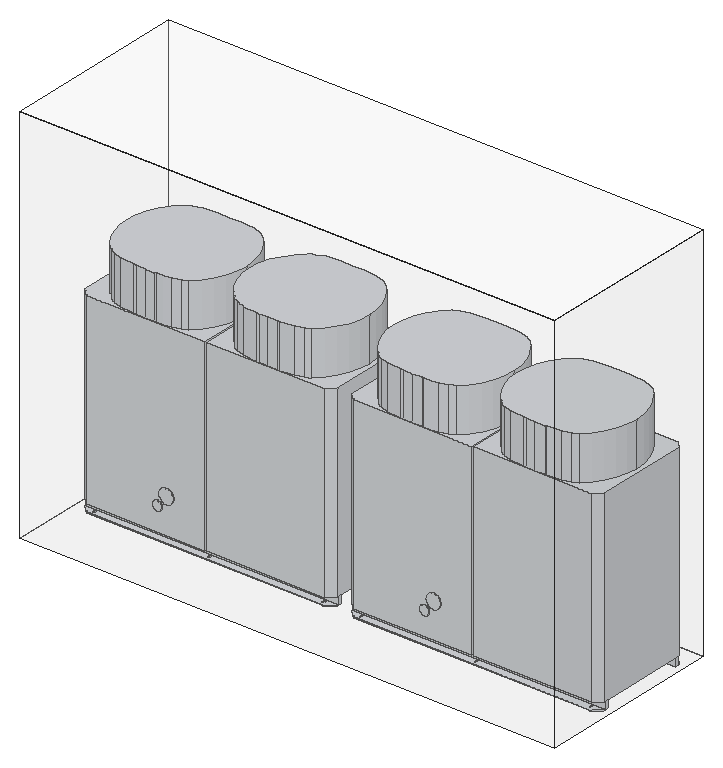
Revit family "pury-ep224_900(s)dmg9_50Hz", category 機械設備, Revit 2019 (continued)
Definition of nested family "筐体モジュール.（R2高効率）"
  Lines and regions (mm)
    symbolic lines, visible <- "ユニット4X"
      curve 301: arc (-694.112, 316.106, 0) -> (-802.132, 174.18, 0) -> (-840.507, 0, 0) r 414.476
      curve 302: arc (-840.507, 0, 0) -> (-802.132, -174.18, 0) -> (-694.112, -316.106, 0) r 414.476
      curve 303: arc (-694.112, -316.106, 0) -> (-676.871, -327.278, 0) -> (-658.4, -336.274, 0) r 168.924
      curve 304: arc (-658.4, -336.274, 0) -> (-630.711, -346.28, 0) -> (-602.194, -353.601, 0) r 308.609
      curve 305: arc (-602.194, -353.601, 0) -> (-554.089, -361, 0) -> (-505.475, -363.367, 0) r 468.429
      curve 306: arc (-505.475, -363.367, 0) -> (-497.937, -363.425, 0) -> (-490.403, -363.142, 0) r 167.153
      curve 307: line (-490.403, -363.142, 0) -> (-426.031, -363.142, 0)
      curve 308: line (-426.031, -363.142, 0) -> (-361.659, -363.142, 0)
      curve 309: arc (-361.659, -363.142, 0) -> (-354.125, -363.425, 0) -> (-346.586, -363.367, 0) r 167.153
      curve 310: arc (-346.586, -363.367, 0) -> (-296.703, -360.87, 0) -> (-247.368, -353.076, 0) r 468.429
      curve 311: arc (-247.368, -353.076, 0) -> (-220.13, -345.901, 0) -> (-193.659, -336.274, 0) r 308.61
      curve 312: arc (-193.659, -336.274, 0) -> (-174.719, -327.333, 0) -> (-157.039, -316.106, 0) r 167.985
      curve 313: arc (-157.039, -316.106, 0) -> (-49.249, -174.112, 0) -> (-10.965, 0, 0) r 415.066
      curve 314: arc (-10.965, 0, 0) -> (-49.249, 174.112, 0) -> (-157.039, 316.106, 0) r 415.066
      curve 315: arc (-157.039, 316.106, 0) -> (-174.719, 327.333, 0) -> (-193.659, 336.274, 0) r 167.985
      curve 316: arc (-193.659, 336.274, 0) -> (-220.13, 345.901, 0) -> (-247.368, 353.076, 0) r 308.61
      curve 317: arc (-247.368, 353.076, 0) -> (-296.703, 360.87, 0) -> (-346.586, 363.367, 0) r 468.429
      curve 318: line (-346.586, 363.367, 0) -> (-426.031, 363.367, 0)
      curve 319: line (-426.031, 363.367, 0) -> (-505.475, 363.367, 0)
      curve 320: arc (-505.475, 363.367, 0) -> (-554.089, 361, 0) -> (-602.194, 353.601, 0) r 468.429
      curve 321: arc (-602.194, 353.601, 0) -> (-630.711, 346.28, 0) -> (-658.4, 336.274, 0) r 308.609
      curve 322: arc (-658.4, 336.274, 0) -> (-677.005, 327.516, 0) -> (-694.112, 316.106, 0) r 138.853
      curve 323: arc (840.507, 0, 0) -> (802.132, 174.18, 0) -> (694.112, 316.106, 0) r 414.476
      curve 324: arc (694.112, 316.106, 0) -> (677.005, 327.516, 0) -> (658.4, 336.274, 0) r 138.853
      curve 325: arc (658.4, 336.274, 0) -> (630.711, 346.28, 0) -> (602.194, 353.601, 0) r 308.609
      curve 326: arc (602.194, 353.601, 0) -> (554.089, 361, 0) -> (505.475, 363.367, 0) r 468.429
      curve 327: line (505.475, 363.367, 0) -> (426.031, 363.367, 0)
      curve 328: line (426.031, 363.367, 0) -> (346.586, 363.367, 0)
      curve 329: arc (346.586, 363.367, 0) -> (297.973, 361, 0) -> (249.868, 353.601, 0) r 468.429
      curve 330: arc (249.868, 353.601, 0) -> (221.351, 346.28, 0) -> (193.661, 336.274, 0) r 308.609
      curve 331: arc (193.661, 336.274, 0) -> (175.191, 327.278, 0) -> (157.949, 316.106, 0) r 168.924
      curve 332: arc (157.949, 316.106, 0) -> (49.93, 174.18, 0) -> (11.555, 0, 0) r 414.476
      curve 333: arc (11.555, 0, 0) -> (49.93, -174.18, 0) -> (157.949, -316.106, 0) r 414.476
      curve 334: arc (157.949, -316.106, 0) -> (175.191, -327.278, 0) -> (193.661, -336.274, 0) r 168.924
      curve 335: arc (193.661, -336.274, 0) -> (221.351, -346.28, 0) -> (249.868, -353.601, 0) r 308.609
      curve 336: arc (249.868, -353.601, 0) -> (297.973, -361, 0) -> (346.586, -363.367, 0) r 468.429
      curve 337: arc (346.586, -363.367, 0) -> (354.125, -363.425, 0) -> (361.659, -363.142, 0) r 167.153
      curve 338: line (361.659, -363.142, 0) -> (426.031, -363.142, 0)
      curve 339: line (426.031, -363.142, 0) -> (490.403, -363.142, 0)
      curve 340: arc (490.403, -363.142, 0) -> (497.937, -363.425, 0) -> (505.475, -363.367, 0) r 167.153
      curve 341: arc (505.475, -363.367, 0) -> (554.089, -361, 0) -> (602.194, -353.601, 0) r 468.429
      curve 342: arc (602.194, -353.601, 0) -> (630.711, -346.28, 0) -> (658.4, -336.274, 0) r 308.609
      curve 343: arc (658.4, -336.274, 0) -> (676.871, -327.278, 0) -> (694.112, -316.106, 0) r 168.924
      curve 344: arc (694.112, -316.106, 0) -> (802.132, -174.18, 0) -> (840.507, 0, 0) r 414.476
      curve 345: line (-875, 320.831, 0) -> (-875, -320.583, 0)
      curve 346: line (-825.831, 370, 0) -> (-875, 320.831, 0)
      curve 347: line (-875, -320.583, 0) -> (-825.583, -370, 0)
      curve 348: line (825.831, 370, 0) -> (-825.831, 370, 0)
      curve 349: line (875, 320.831, 0) -> (825.831, 370, 0)
      curve 350: line (875, -320.583, 0) -> (875, 320.831, 0)
      curve 351: line (825.583, -370, 0) -> (875, -320.583, 0)
      curve 352: line (-825.583, -370, 0) -> (825.583, -370, 0)
      curve 353: line (4.756, 370, 0) -> (4.756, -370, 0)
      curve 354: line (-4.756, -370, 0) -> (-4.756, 370, 0)
  Dimensions and locks
    "Depth": plane 4 to plane 5
    equal spacing: plane 4, plane 1 "中心(正面/背面)", plane 5
    "W": plane 6 to plane 21
    locked: plane 11 "本体下部" to plane 2 at 54
    plane 4 to plane 9 to plane 10 to plane 14 to plane 13 to plane 12 = 57 mm locked, 20 mm locked, 586 mm locked, 20 mm locked, 57 mm locked
    locked: plane 12 to plane 15 at 29.5
    locked: plane 4 to plane 17 at 29.5
    "冷媒液_Z": plane 18 "電源高さ" to level
    plane 8 to plane 7 = 303 mm
    plane 7 to plane 2 = 1347 mm
    "Height": plane 8 to plane 2
    "冷媒管径_Z": level to plane 19 "冷媒管高さ"
    locked: plane 6 to plane 16 at 80
    locked: plane 11 "本体下部" to plane 20 "冷媒操作弁ガス芯4" at 1
    equal spacing: plane 6, plane 3 "中心(左/右)", plane 21
    equal spacing: plane 22, plane 3 "中心(左/右)", plane 23
    "Width": plane 22 to plane 23
    "冷媒ガス_Y": plane 4 to plane 27
    "冷媒管径_Y": plane 4 to plane 28
    "冷媒液_Y": plane 4 to plane 29
    "冷媒ガス_Z": plane 30 to level
    "冷媒液_X": plane 22 to plane 24
    "冷媒管径_X": plane 22 to plane 25
    "冷媒ガス_X": plane 24 to plane 26
    locked: plane 31 to plane 21 at 80
    "冷媒ガス管径": diameter of Extrusion 8 sketch curve
    "冷媒液管径": diameter of Extrusion 7 sketch curve
    "冷媒管径": diameter of Extrusion 6 sketch curve
    "冷媒管径": diameter of Extrusion 5 sketch curve
    aligned and locked: Extrusion 1 to plane 6
    aligned and locked: curve 3 to plane 6
    aligned and locked: plane 10 to Extrusion 2 sketch curve
    aligned and locked: plane 6 to Extrusion 2 sketch curve
    aligned and locked: Extrusion 2 sketch curve to plane 9
    aligned and locked: Extrusion 1 to plane 11 "本体下部"
    aligned and locked: plane 11 "本体下部" to Extrusion 1  (x2)
    aligned and locked: plane 7 to Extrusion 1
    aligned and locked: plane 4 to Extrusion 4
    aligned and locked: plane 9 to Extrusion 2
    aligned and locked: plane 11 "本体下部" to Extrusion 6
    aligned and locked: Extrusion 7 to plane 20 "冷媒操作弁ガス芯4"
    aligned and locked: plane 11 "本体下部" to Extrusion 7
    aligned and locked: plane 11 "本体下部" to Extrusion 8
    aligned and locked: Extrusion 7 to Extrusion 8
    aligned and locked: Extrusion 7 to Extrusion 6
    aligned and locked: Extrusion 1 sketch curve to plane 21
    aligned and locked: Extrusion 1 sketch curve to plane 12
    aligned and locked: Extrusion 1 sketch curve to plane 4
    aligned and locked: Extrusion 1 sketch curve to Extrusion 4
    aligned and locked: curve 203 to plane 21
    aligned and locked: plane 25 to Extrusion 6 sketch curve
    aligned and locked: plane 28 to Extrusion 6 sketch curve
    aligned and locked: plane 26 to Extrusion 8 sketch curve
    aligned and locked: plane 27 to Extrusion 8 sketch curve
    aligned and locked: plane 29 to Extrusion 7 sketch curve
    aligned and locked: plane 24 to Extrusion 7 sketch curve
    aligned and locked: plane 19 "冷媒管高さ" to Extrusion 5 sketch curve
    aligned and locked: plane 25 to Extrusion 5 sketch curve
    aligned and locked: curve 301 to Extrusion 11
    aligned and locked: curve 302 to Extrusion 11
    aligned and locked: curve 303 to Extrusion 11
    aligned and locked: curve 304 to Extrusion 11
    aligned and locked: curve 305 to Extrusion 11
    aligned and locked: curve 306 to Extrusion 11
    aligned and locked: curve 307 to Extrusion 11
    aligned and locked: curve 308 to Extrusion 11
    aligned and locked: curve 309 to Extrusion 11
    aligned and locked: curve 310 to Extrusion 11
    aligned and locked: curve 311 to Extrusion 11
    aligned and locked: curve 312 to Extrusion 11
    aligned and locked: curve 313 to Extrusion 11
    aligned and locked: curve 314 to Extrusion 11
    aligned and locked: curve 315 to Extrusion 11
    aligned and locked: curve 316 to Extrusion 11
    aligned and locked: curve 317 to Extrusion 11
    aligned and locked: curve 318 to Extrusion 11
    aligned and locked: curve 319 to Extrusion 11
    aligned and locked: curve 320 to Extrusion 11
    aligned and locked: curve 321 to Extrusion 11
    aligned and locked: curve 322 to Extrusion 11
    aligned and locked: curve 323 to Extrusion 10
    aligned and locked: curve 324 to Extrusion 10
    aligned and locked: curve 325 to Extrusion 10
    aligned and locked: curve 326 to Extrusion 10
    aligned and locked: curve 327 to Extrusion 10
    aligned and locked: curve 328 to Extrusion 10
    aligned and locked: curve 329 to Extrusion 10
    aligned and locked: curve 330 to Extrusion 10
    aligned and locked: curve 331 to Extrusion 10
    aligned and locked: curve 332 to Extrusion 10
    aligned and locked: curve 333 to Extrusion 10
    aligned and locked: curve 334 to Extrusion 10
    aligned and locked: curve 335 to Extrusion 10
    aligned and locked: curve 336 to Extrusion 10
    aligned and locked: curve 337 to Extrusion 10
    aligned and locked: curve 338 to Extrusion 10
    aligned and locked: curve 339 to Extrusion 10
    aligned and locked: curve 340 to Extrusion 10
    aligned and locked: curve 341 to Extrusion 10
    aligned and locked: curve 342 to Extrusion 10
    aligned and locked: curve 343 to Extrusion 10
    aligned and locked: curve 344 to Extrusion 10
    aligned and locked: curve 345 to Extrusion 1
    aligned and locked: curve 346 to Extrusion 1
    aligned and locked: curve 347 to Extrusion 1
    aligned and locked: curve 348 to Extrusion 9
    aligned and locked: curve 349 to Extrusion 1
    aligned and locked: curve 350 to Extrusion 1
    aligned and locked: curve 351 to Extrusion 1
    aligned and locked: curve 352 to Extrusion 4
    aligned and locked: curve 353 to Extrusion 1
    aligned and locked: curve 354 to Extrusion 1
    aligned and locked: plane 17 to nested 2
    aligned and locked: plane 15 to nested 2
    aligned and locked: plane 16 to nested 2
    aligned and locked: plane 31 to nested 1
    aligned and locked: plane 17 to nested 1
    aligned and locked: plane 15 to nested 1
    aligned and locked: plane 3 "中心(左/右)" to nested 2
    aligned and locked: plane 3 "中心(左/右)" to nested 1
    aligned and locked: Masking region 1 sketch curve to curve 346
    aligned and locked: Masking region 1 sketch curve to curve 345
    aligned and locked: Masking region 1 sketch curve to curve 347
    aligned and locked: Masking region 1 sketch curve to curve 352
    aligned and locked: Masking region 1 sketch curve to curve 351
    aligned and locked: Masking region 1 sketch curve to curve 350
    aligned and locked: Masking region 1 sketch curve to curve 349
    aligned and locked: Masking region 1 sketch curve to curve 348
  Automatic sketch dimensions
    Extrusion 2 sketch curve to plane 21 = 0 mm
    Extrusion 3 sketch curve to plane 6 = 0 mm
    Extrusion 3 sketch curve to plane 13 = 0 mm
    Extrusion 3 sketch curve to plane 21 = 0 mm
    Extrusion 3 sketch curve to plane 14 = 0 mm
    Extrusion 10 sketch curve to Extrusion 10 sketch curve = 0 mm  (x4)
    plane 1 "中心(正面/背面)" to Extrusion 10 sketch curve = 0 mm  (x2)
    Extrusion 10 sketch curve to plane 21 = 266.274 mm
    Extrusion 10 sketch curve to plane 21 = 281.195 mm
    Extrusion 10 sketch curve to plane 1 "中心(正面/背面)" = 51.367 mm  (x2)
    Extrusion 10 sketch curve to Extrusion 10 sketch curve = 68.933 mm
    plane 1 "中心(正面/背面)" to Extrusion 10 sketch curve = 51.367 mm  (x2)
    Extrusion 10 sketch curve to Extrusion 10 sketch curve = 32.763 mm  (x4)
    plane 5 to Extrusion 10 sketch curve = 6.633 mm
    Extrusion 10 sketch curve to Extrusion 10 sketch curve = 103.251 mm
    Extrusion 10 sketch curve to Extrusion 10 sketch curve = 6.599 mm  (x2)
    Extrusion 10 sketch curve to plane 4 = 6.858 mm
    Extrusion 10 sketch curve to Extrusion 10 sketch curve = 10.027 mm
    Extrusion 10 sketch curve to Extrusion 10 sketch curve = 113.762 mm
    Extrusion 10 sketch curve to Extrusion 10 sketch curve = 64.372 mm  (x2)
    Extrusion 10 sketch curve to Extrusion 10 sketch curve = 79.445 mm  (x2)
    Extrusion 10 sketch curve to Extrusion 10 sketch curve = 148.799 mm
    Extrusion 10 sketch curve to Extrusion 10 sketch curve = 80.998 mm
    Extrusion 10 sketch curve to Extrusion 10 sketch curve = 86.775 mm
    Extrusion 10 sketch curve to Extrusion 10 sketch curve = 93.374 mm
    Extrusion 10 sketch curve to Extrusion 10 sketch curve = 155.243 mm
    Extrusion 10 sketch curve to plane 14 = 112.812 mm
    Extrusion 10 sketch curve to plane 1 "中心(正面/背面)" = 105.059 mm
    Extrusion 10 sketch curve to Extrusion 10 sketch curve = 53.692 mm  (x3)
    Extrusion 10 sketch curve to plane 17 = 4.226 mm  (x2)
    Extrusion 10 sketch curve to Extrusion 10 sketch curve = 64.596 mm
    Extrusion 10 sketch curve to plane 15 = 4.226 mm  (x2)
    Extrusion 10 sketch curve to Extrusion 10 sketch curve = 49.674 mm
    plane 13 to Extrusion 10 sketch curve = 3.106 mm
    plane 17 to Extrusion 10 sketch curve = 13.101 mm  (x2)
    Extrusion 10 sketch curve to plane 4 = 6.633 mm
    plane 15 to Extrusion 10 sketch curve = 13.101 mm
    plane 9 to Extrusion 10 sketch curve = 3.106 mm
    Extrusion 11 sketch curve to Extrusion 11 sketch curve = 0 mm  (x3)
    Extrusion 11 sketch curve to plane 1 "中心(正面/背面)" = 0 mm
    plane 1 "中心(正面/背面)" to Extrusion 11 sketch curve = 0 mm
    plane 1 "中心(正面/背面)" to Extrusion 11 sketch curve = 51.367 mm  (x2)
    Extrusion 11 sketch curve to Extrusion 11 sketch curve = 32.763 mm  (x4)
    plane 5 to Extrusion 11 sketch curve = 6.633 mm
    Extrusion 11 sketch curve to Extrusion 11 sketch curve = 6.599 mm  (x2)
    Extrusion 11 sketch curve to plane 4 = 6.858 mm
    Extrusion 11 sketch curve to Extrusion 11 sketch curve = 113.762 mm  (x2)
    Extrusion 11 sketch curve to Extrusion 11 sketch curve = 64.372 mm  (x2)
    Extrusion 11 sketch curve to Extrusion 11 sketch curve = 79.445 mm  (x2)
    Extrusion 11 sketch curve to Extrusion 11 sketch curve = 91.232 mm  (x2)
    Extrusion 11 sketch curve to Extrusion 11 sketch curve = 53.692 mm  (x3)
    Extrusion 11 sketch curve to plane 1 "中心(正面/背面)" = 51.367 mm  (x2)
    Extrusion 11 sketch curve to Extrusion 11 sketch curve = 75.129 mm
    Extrusion 11 sketch curve to Extrusion 11 sketch curve = 101.551 mm
    Extrusion 11 sketch curve to plane 17 = 4.226 mm  (x2)
    Extrusion 11 sketch curve to Extrusion 11 sketch curve = 64.596 mm
    Extrusion 11 sketch curve to plane 15 = 4.226 mm  (x2)
    Extrusion 11 sketch curve to Extrusion 11 sketch curve = 49.674 mm
    plane 13 to Extrusion 11 sketch curve = 3.106 mm
    plane 17 to Extrusion 11 sketch curve = 13.101 mm
    Extrusion 11 sketch curve to plane 4 = 6.633 mm
    plane 9 to Extrusion 11 sketch curve = 3.106 mm
    Extrusion 11 sketch curve to Extrusion 11 sketch curve = 80.998 mm
    Extrusion 11 sketch curve to Extrusion 11 sketch curve = 93.374 mm
    Extrusion 11 sketch curve to Extrusion 11 sketch curve = 101.697 mm
    plane 16 to Extrusion 11 sketch curve = 186.274 mm
    Extrusion 11 sketch curve to Extrusion 11 sketch curve = 152.925 mm
    Extrusion 11 sketch curve to Extrusion 11 sketch curve = 111.791 mm
    Extrusion 11 sketch curve to Extrusion 11 sketch curve = 148.799 mm
    Extrusion 11 sketch curve to Extrusion 11 sketch curve = 89.275 mm
    Extrusion 11 sketch curve to Extrusion 11 sketch curve = 95.874 mm
    plane 15 to Extrusion 11 sketch curve = 12.576 mm
    plane 17 to Extrusion 11 sketch curve = 12.576 mm
    Extrusion 10 sketch curve to Extrusion 10 sketch curve = 75.129 mm  (x2)
    Extrusion 11 sketch curve to Extrusion 11 sketch curve = 16.103 mm  (x2)
    Extrusion 10 sketch curve to Extrusion 10 sketch curve = 91.232 mm  (x2)
    Extrusion 11 sketch curve to plane 10 = 96.709 mm
    Extrusion 9 sketch curve to plane 6 = 0 mm
    plane 5 to Extrusion 9 sketch curve = 0 mm
    Extrusion 9 sketch curve to plane 16 = 0 mm
    Extrusion 9 sketch curve to plane 3 "中心(左/右)" = 0 mm
    Extrusion 9 sketch curve to plane 21 = 0 mm
    Extrusion 9 sketch curve to plane 13 = 0 mm
    plane 16 to Extrusion 9 sketch curve = 30.583 mm
    Extrusion 9 sketch curve to plane 15 = 3 mm  (x3)
    Extrusion 9 sketch curve to Extrusion 9 sketch curve = 7 mm  (x3)
    plane 15 to Extrusion 9 sketch curve = 3 mm  (x3)
    plane 21 to Extrusion 9 sketch curve = 87 mm
    Extrusion 9 sketch curve to Extrusion 9 sketch curve = 23.583 mm
    Extrusion 9 sketch curve to plane 13 = 7.583 mm  (x2)
    Extrusion 1 sketch curve to plane 6 = 0 mm
    plane 5 to Extrusion 1 sketch curve = 0 mm
    plane 4 to Extrusion 1 sketch curve = 0 mm
    Extrusion 1 sketch curve to plane 16 = 30.831 mm
    Extrusion 1 sketch curve to plane 16 = 30.583 mm
    Extrusion 1 sketch curve to plane 3 "中心(左/右)" = 4.756 mm
    plane 3 "中心(左/右)" to Extrusion 1 sketch curve = 4.756 mm
    Extrusion 1 sketch curve to plane 21 = 49.169 mm
    plane 9 to Extrusion 1 sketch curve = 7.583 mm
    plane 13 to Extrusion 1 sketch curve = 7.831 mm  (x2)
    Extrusion 4 sketch curve to plane 6 = 0 mm
    plane 4 to Extrusion 4 sketch curve = 0 mm
    Extrusion 4 sketch curve to plane 16 = 0 mm
    Extrusion 4 sketch curve to plane 3 "中心(左/右)" = 0 mm
    Extrusion 4 sketch curve to plane 21 = 0 mm
    plane 9 to Extrusion 4 sketch curve = 0 mm
    Extrusion 4 sketch curve to plane 16 = 30.583 mm
    plane 17 to Extrusion 4 sketch curve = 3 mm  (x3)
    Extrusion 4 sketch curve to Extrusion 4 sketch curve = 7 mm  (x3)
    Extrusion 4 sketch curve to plane 17 = 3 mm  (x3)
    Extrusion 4 sketch curve to plane 21 = 87 mm
    Extrusion 4 sketch curve to Extrusion 4 sketch curve = 23.583 mm
    plane 9 to Extrusion 4 sketch curve = 7.583 mm  (x2)
    curve 306 to curve 307 = 64.372 mm
    curve 319 to curve 317 = 79.445 mm
    curve 337 to curve 338 = 64.372 mm
    curve 328 to curve 328 = 79.445 mm
  Nested families
    nested 1: "固定点" at (0, -340.5, 0), visible <- "ユニット4X", type "固定点", detail levels fine
      with W 795 mm, D 681 mm
    nested 2: "固定点" at (-795, -340.5, 0), visible <- "ユニット4X", type "固定点", detail levels fine
      with W 795 mm, D 681 mm
  Definition of nested family "固定点"
    Parameters (values of type "固定点")
      中心円 = 20 mm
      W [instance] = 1000 mm
      D [instance] = 1000 mm
    Reference planes
      plane 1 "中心(正面/背面)": y = 0
      plane 2: z = 0
      plane 3 "中心(左/右)": x = 0
      plane 4: x = 1000
      plane 5: y = 1000
    Lines and regions (mm)
      symbolic lines, detail levels fine
        curve 1: circle (0, 1000, 0) r 10 normal (0, 0, 1)
        curve 2: circle (0, 0, 0) r 10 normal (0, 0, 1)
        curve 3: circle (1000, 1000, 0) r 10 normal (0, 0, 1)
        curve 4: circle (1000, 0, 0) r 10 normal (0, 0, 1)
        curve 5: line (-200, 1000, 0) -> (1200, 1000, 0)
        curve 6: line (-200, 0, 0) -> (1200, 0, 0)
        curve 7: line (0, 1200, 0) -> (0, -200, 0)
        curve 8: line (1000, 1200, 0) -> (1000, -200, 0)
    Dimensions and locks
      "W": plane 3 "中心(左/右)" to plane 4
      "D": plane 1 "中心(正面/背面)" to plane 5
      "中心円": diameter of curve 1
      "中心円": diameter of curve 2
      "中心円": diameter of curve 3
      "中心円": diameter of curve 4
      aligned and locked: level to plane 2
      aligned and locked: plane 5 to curve 1
      aligned and locked: plane 3 "中心(左/右)" to curve 1
      aligned and locked: plane 3 "中心(左/右)" to curve 2
      aligned and locked: plane 1 "中心(正面/背面)" to curve 2
      aligned and locked: plane 4 to curve 3
      aligned and locked: plane 5 to curve 3
      aligned and locked: plane 1 "中心(正面/背面)" to curve 4
      aligned and locked: plane 4 to curve 4
      aligned and locked: plane 1 "中心(正面/背面)" to curve 6
      aligned and locked: curve 7 to plane 3 "中心(左/右)"
      aligned and locked: curve 8 to plane 4
    Automatic sketch dimensions
      curve 5 to plane 5 = 0 mm
      curve 6 to plane 3 "中心(左/右)" = 200 mm
      curve 5 to plane 3 "中心(左/右)" = 200 mm
      curve 4 to curve 6 = 200 mm
      curve 3 to curve 5 = 200 mm
      plane 1 "中心(正面/背面)" to curve 8 = 200 mm
      plane 1 "中心(正面/背面)" to curve 7 = 200 mm
      curve 3 to curve 8 = 200 mm
      curve 1 to curve 7 = 200 mm
Definition of nested family "outline"
  Parameters (values of type "outline_S")
    ユニット4X [instance] = and(ユニット2, Width = 1750 mm)  # no
    ユニット2 [instance] = yes
    Width [instance] = 920 mm
    W = 920 mm
    Height [instance] = 1650 mm
    Depth [instance] = 740 mm
  Types (3, lengths in mm): name | ユニット4X | Width | W
    outline_S | no | 920 | 920
    outline_XL | yes | 1750 | 1750
    outline_L | no | 1220 | 1220
  Reference planes
    plane 1 "中心(正面/背面)": y = 0
    plane 2: z = 0
    plane 3 "中心(左/右)": x = 0
    plane 4: y = -370
    plane 5: y = 370
    plane 6: x = -460
    plane 7: z = 1347
    plane 8: z = 1650
    plane 9 "本体下部": z = 54
    plane 10: y = 370
    plane 11 "電源高さ": z = 262
    plane 12 "冷媒管高さ": z = 262
    plane 13 "冷媒操作弁ガス芯4": z = 53
    plane 14: x = 460
    plane 15: x = -875
    plane 16: x = 875
    plane 17: z = 262
  Forms (mm)
    Extrusion 1, solid, visible <- "ユニット2", detail levels coarse+medium
      sketch origin (0, 0, 0) x (1, 0, 0) y (0, 1, 0)
        loop
          line (-460, 370) -> (-460, -370) -> (460, -370) -> (460, 370) -> (-460, 370)
      from 0 to 1650
  Lines and regions (mm)
    model lines, visible <- "ユニット4X", not visible, detail levels fine
      curve 1: line (460, 178.667, 1289.179) -> (460, 297.73, 1289.179)
      curve 2: line (460, 178.667, 1056.056) -> (460, 178.667, 1289.179)
      curve 3: line (460, 297.73, 1056.056) -> (460, 178.667, 1056.056)
      curve 4: line (460, 297.73, 1289.179) -> (460, 297.73, 1056.056)
      curve 5: line (460, 47.598, 1289.179) -> (460, 166.661, 1289.179)
      curve 6: line (460, 47.598, 1056.056) -> (460, 47.598, 1289.179)
      curve 7: line (460, 166.661, 1056.056) -> (460, 47.598, 1056.056)
      curve 8: line (460, 166.661, 1289.179) -> (460, 166.661, 1056.056)
      curve 9: line (460, -83.471, 1289.179) -> (460, 35.592, 1289.179)
      curve 10: line (460, -83.471, 1056.056) -> (460, -83.471, 1289.179)
      curve 11: line (460, 35.592, 1056.056) -> (460, -83.471, 1056.056)
      curve 12: line (460, 35.592, 1289.179) -> (460, 35.592, 1056.056)
      curve 13: line (460, -150.779, 1289.179) -> (460, -95.75, 1289.179)
      curve 14: line (460, -150.779, 1056.056) -> (460, -150.779, 1289.179)
      curve 15: line (460, -95.75, 1056.056) -> (460, -150.779, 1056.056)
      curve 16: line (460, -95.75, 1289.179) -> (460, -95.75, 1056.056)
      curve 17: line (460, -150.779, 1283.175) -> (460, -132.596, 1283.175)
      curve 18: line (460, -150.779, 1062.059) -> (460, -150.779, 1283.175)
      curve 19: line (460, -132.596, 1062.059) -> (460, -150.779, 1062.059)
      curve 20: line (460, -132.596, 1283.175) -> (460, -132.596, 1062.059)
      curve 21: line (460, 178.667, 1046.051) -> (460, 297.73, 1046.051)
      curve 22: line (460, 178.667, 812.928) -> (460, 178.667, 1046.051)
      curve 23: line (460, 297.73, 812.928) -> (460, 178.667, 812.928)
      curve 24: line (460, 297.73, 1046.051) -> (460, 297.73, 812.928)
      curve 25: line (460, 47.598, 1046.051) -> (460, 166.661, 1046.051)
      curve 26: line (460, 47.598, 812.928) -> (460, 47.598, 1046.051)
      curve 27: line (460, 166.661, 812.928) -> (460, 47.598, 812.928)
      curve 28: line (460, 166.661, 1046.051) -> (460, 166.661, 812.928)
      curve 29: line (460, -83.471, 1046.051) -> (460, 35.592, 1046.051)
      curve 30: line (460, -83.471, 812.928) -> (460, -83.471, 1046.051)
      curve 31: line (460, 35.592, 812.928) -> (460, -83.471, 812.928)
      curve 32: line (460, 35.592, 1046.051) -> (460, 35.592, 812.928)
      curve 33: line (460, -150.779, 1046.051) -> (460, -95.75, 1046.051)
      curve 34: line (460, -150.779, 812.928) -> (460, -150.779, 1046.051)
      curve 35: line (460, -95.75, 812.928) -> (460, -150.779, 812.928)
      curve 36: line (460, -95.75, 1046.051) -> (460, -95.75, 812.928)
      curve 37: line (460, -150.779, 1040.048) -> (460, -132.596, 1040.048)
      curve 38: line (460, -150.779, 818.931) -> (460, -150.779, 1040.048)
      curve 39: line (460, -132.596, 818.931) -> (460, -150.779, 818.931)
      curve 40: line (460, -132.596, 1040.048) -> (460, -132.596, 818.931)
      curve 41: line (460, 178.667, 802.923) -> (460, 297.73, 802.923)
      curve 42: line (460, 178.667, 569.8) -> (460, 178.667, 802.923)
      curve 43: line (460, 297.73, 569.8) -> (460, 178.667, 569.8)
      curve 44: line (460, 297.73, 802.923) -> (460, 297.73, 569.8)
      curve 45: line (460, 47.598, 802.923) -> (460, 166.661, 802.923)
      curve 46: line (460, 47.598, 569.8) -> (460, 47.598, 802.923)
      curve 47: line (460, 166.661, 569.8) -> (460, 47.598, 569.8)
      curve 48: line (460, 166.661, 802.923) -> (460, 166.661, 569.8)
      curve 49: line (460, -83.471, 802.923) -> (460, 35.592, 802.923)
      curve 50: line (460, -83.471, 569.8) -> (460, -83.471, 802.923)
      curve 51: line (460, 35.592, 569.8) -> (460, -83.471, 569.8)
      curve 52: line (460, 35.592, 802.923) -> (460, 35.592, 569.8)
      curve 53: line (460, -150.779, 802.923) -> (460, -95.75, 802.923)
      curve 54: line (460, -150.779, 569.8) -> (460, -150.779, 802.923)
      curve 55: line (460, -95.75, 569.8) -> (460, -150.779, 569.8)
      curve 56: line (460, -95.75, 802.923) -> (460, -95.75, 569.8)
      curve 57: line (460, -150.779, 796.92) -> (460, -132.596, 796.92)
      curve 58: line (460, -150.779, 575.803) -> (460, -150.779, 796.92)
      curve 59: line (460, -132.596, 575.803) -> (460, -150.779, 575.803)
      curve 60: line (460, -132.596, 796.92) -> (460, -132.596, 575.803)
      curve 61: line (460, 178.667, 559.795) -> (460, 297.73, 559.795)
      curve 62: line (460, 178.667, 326.672) -> (460, 178.667, 559.795)
      curve 63: line (460, 297.73, 326.672) -> (460, 178.667, 326.672)
      curve 64: line (460, 297.73, 559.795) -> (460, 297.73, 326.672)
      curve 65: line (460, 47.598, 559.795) -> (460, 166.661, 559.795)
      curve 66: line (460, 47.598, 326.672) -> (460, 47.598, 559.795)
      curve 67: line (460, 166.661, 326.672) -> (460, 47.598, 326.672)
      curve 68: line (460, 166.661, 559.795) -> (460, 166.661, 326.672)
      curve 69: line (460, -83.471, 559.795) -> (460, 35.592, 559.795)
      curve 70: line (460, -83.471, 326.672) -> (460, -83.471, 559.795)
      curve 71: line (460, 35.592, 326.672) -> (460, -83.471, 326.672)
      curve 72: line (460, 35.592, 559.795) -> (460, 35.592, 326.672)
      curve 73: line (460, -150.779, 559.795) -> (460, -95.75, 559.795)
      curve 74: line (460, -150.779, 326.672) -> (460, -150.779, 559.795)
      curve 75: line (460, -95.75, 326.672) -> (460, -150.779, 326.672)
      curve 76: line (460, -95.75, 559.795) -> (460, -95.75, 326.672)
      curve 77: line (460, -150.779, 553.792) -> (460, -132.596, 553.792)
      curve 78: line (460, -150.779, 332.675) -> (460, -150.779, 553.792)
      curve 79: line (460, -132.596, 332.675) -> (460, -150.779, 332.675)
      curve 80: line (460, -132.596, 553.792) -> (460, -132.596, 332.675)
      curve 81: line (460, 178.667, 316.667) -> (460, 297.73, 316.667)
      curve 82: line (460, 178.667, 83.544) -> (460, 178.667, 316.667)
      curve 83: line (460, 297.73, 83.544) -> (460, 178.667, 83.544)
      curve 84: line (460, 297.73, 316.667) -> (460, 297.73, 83.544)
      curve 85: line (460, 47.598, 316.667) -> (460, 166.661, 316.667)
      curve 86: line (460, 47.598, 83.544) -> (460, 47.598, 316.667)
      curve 87: line (460, 166.661, 83.544) -> (460, 47.598, 83.544)
      curve 88: line (460, 166.661, 316.667) -> (460, 166.661, 83.544)
      curve 89: line (460, -83.471, 316.667) -> (460, 35.592, 316.667)
      curve 90: line (460, -83.471, 83.544) -> (460, -83.471, 316.667)
      curve 91: line (460, 35.592, 83.544) -> (460, -83.471, 83.544)
      curve 92: line (460, 35.592, 316.667) -> (460, 35.592, 83.544)
      curve 93: line (460, -150.779, 316.667) -> (460, -95.75, 316.667)
      curve 94: line (460, -150.779, 83.544) -> (460, -150.779, 316.667)
      curve 95: line (460, -95.75, 83.544) -> (460, -150.779, 83.544)
      curve 96: line (460, -95.75, 316.667) -> (460, -95.75, 83.544)
      curve 97: line (460, -150.779, 310.664) -> (460, -132.596, 310.664)
      curve 98: line (460, -150.779, 89.547) -> (460, -150.779, 310.664)
      curve 99: line (460, -132.596, 89.547) -> (460, -150.779, 89.547)
      curve 100: line (460, -132.596, 310.664) -> (460, -132.596, 89.547)
  Dimensions and locks
    "Depth": plane 4 to plane 5
    equal spacing: plane 4, plane 1 "中心(正面/背面)", plane 5
    "W": plane 6 to plane 14
    locked: plane 9 "本体下部" to plane 2 at 54
    plane 4 to plane 10 = 740 mm
    plane 11 "電源高さ" to level = 262 mm
    plane 8 to plane 7 = 303 mm
    plane 7 to plane 2 = 1347 mm
    "Height": plane 8 to plane 2
    level to plane 12 "冷媒管高さ" = 262 mm
    locked: plane 9 "本体下部" to plane 13 "冷媒操作弁ガス芯4" at 1
    equal spacing: plane 6, plane 3 "中心(左/右)", plane 14
    plane 17 to level = 262 mm
  Automatic sketch dimensions
    plane 4 to Extrusion 1 sketch curve = 0 mm
    Extrusion 1 sketch curve to plane 6 = 0 mm
    Extrusion 1 sketch curve to plane 14 = 0 mm
    plane 5 to Extrusion 1 sketch curve = 0 mm
Types (28, lengths in mm): name | 風量（m3／min） | 風量 | 音響パワーレベル(dB) | 電源位置2X（ユニット3） | 電源位置2X（ユニット2） | 電源位置2X（ユニット1） | 電源位置1X（ユニット3） | 電源位置1X（ユニット2） | 電源位置1X（ユニット1） | 電動機出力_送風機 | 電動機出力_圧縮機 | 質量 | 製品質量 | 消費電力_暖房 | 消費電力_冷房 | 消費電力 | 最小電線太さ_mm2 | 最大電流値 | 暖房能力 | 推奨ブレーカー容量 | 冷房能力 | 冷媒管（液）位置1 (ユニット3） | 冷媒管（液）位置1 (ユニット1) | 冷媒管（液）位置1 (ユニット2） | 冷媒管径符号 | 冷媒管位置1 (ユニット2) | 冷媒管位置1 (ユニット3) | 冷媒管位置1 (ユニット1) | 冷媒液管径3 | 冷媒液管径2 | 冷媒液管径 | 冷媒ガス管径3 | 冷媒ガス管径2 | 冷媒ガス管径 | ユニット隙間 | ユニット数 | ユニットタイプ3 | ユニットタイプ2 | ユニットタイプ1 | ユニット2 | モデル | サービススペース_タイプA | アンカーボルト位置X（ユニット3） | アンカーボルト位置X（ユニット2） | アンカーボルト位置X（ユニット1） | Width3 | Width2 | Width1 | Width | URL | OUTLINE2 | OUTLINE1 | MAX風量 | Clearance Right | Clearance Left | Clearance Back
  PURY-EP224DMG9_タイプA | 185 | 11100.0 m³/h | 81.5 | 177 | 177 | 177 | 201 | 201 | 201 | 0.92 kW | 4.61 kW | 235.20 kg | 196.00 kg | 6.39 kW | 6.15 kW | 6.39 kW | 8 | 26.9 A | 25 kW | 40 A | 22.4 kW | 194 | 194 | 194 | "De" | 264 | 264 | 264 | 15.88 | 15.88 | 15.88 | 19.05 | 19.05 | 19.05 | 30 | 1 | 筐体モジュール（R2高効率） : 224筐体 | 筐体モジュール（R2高効率） : 224筐体 | 筐体モジュール（R2高効率） : 224筐体 | no | "PURY-EP224DMG9" | yes | 760 | 760 | 760 | 920 | 920 | 920 | 920 | "https://www.mitsubishielectric.co.jp/ldg/wink/qr/002/332072/" | outline : outline_XL | outline : outline_S | 11100.0 m³/h | 15 | 15 | 300
  PURY-EP280DMG9_タイプA | 200 | 12000.0 m³/h | 82.5 | 227 | 227 | 227 | 251 | 251 | 251 | 0.92 kW | 6.61 kW | 285.60 kg | 238.00 kg | 8.7 kW | 8.51 kW | 8.7 kW | 14 | 37.3 A | 31.5 kW | 50 A | 28 kW | 244 | 244 | 244 | "Ef" | 314 | 314 | 314 | 19.05 | 19.05 | 19.05 | 22.20 | 22.20 | 22.20 | 30 | 1 | 筐体モジュール（R2高効率） : 280筐体 | 筐体モジュール（R2高効率） : 280筐体 | 筐体モジュール（R2高効率） : 280筐体 | no | "PURY-EP280DMG9" | yes | 1060 | 1060 | 1060 | 1220 | 1220 | 1220 | 1220 | "https://www.mitsubishielectric.co.jp/ldg/wink/qr/002/331966/" | outline : outline_XL | outline : outline_L | 12000.0 m³/h | 15 | 15 | 300
  PURY-EP335DMG9_タイプA | 200 | 12000.0 m³/h | 82.5 | 227 | 227 | 227 | 251 | 251 | 251 | 0.92 kW | 7.73 kW | 288.00 kg | 240.00 kg | 9.89 kW | 10 kW | 10 kW | 22 | 44.1 A | 37.5 kW | 60 A | 33.5 kW | 244 | 244 | 244 | "Ef" | 314 | 314 | 314 | 19.05 | 19.05 | 19.05 | 22.20 | 22.20 | 22.20 | 30 | 1 | 筐体モジュール（R2高効率） : 335筐体 | 筐体モジュール（R2高効率） : 335筐体 | 筐体モジュール（R2高効率） : 335筐体 | no | "PURY-EP335DMG9" | yes | 1060 | 1060 | 1060 | 1220 | 1220 | 1220 | 1220 | "https://www.mitsubishielectric.co.jp/ldg/wink/qr/002/331903/" | outline : outline_XL | outline : outline_L | 12000.0 m³/h | 15 | 15 | 300
  PURY-EP400DMG9_タイプA | 200 | 12000.0 m³/h | 85.5 | 227 | 227 | 227 | 251 | 251 | 251 | 0.92 kW | 11 kW | 288.00 kg | 240.00 kg | 12.7 kW | 13.8 kW | 13.8 kW | 22 | 59 A | 45 kW | 60 A | 40 kW | 244 | 244 | 244 | "Eg" | 314 | 314 | 314 | 19.05 | 19.05 | 19.05 | 25.40 | 25.40 | 25.40 | 30 | 1 | 筐体モジュール（R2高効率） : 400筐体 | 筐体モジュール（R2高効率） : 400筐体 | 筐体モジュール（R2高効率） : 400筐体 | no | "PURY-EP400DMG9" | yes | 1060 | 1060 | 1060 | 1220 | 1220 | 1220 | 1220 | "https://www.mitsubishielectric.co.jp/ldg/wink/qr/002/331906/" | outline : outline_XL | outline : outline_L | 12000.0 m³/h | 15 | 15 | 300
  PURY-EP450SDMG9_タイプA | 370 | 22200.0 m³/h | 84.5 | 177 | 177 | 177 | 201 | 201 | 201 | 1.84 kW | 9.22 kW | 475.20 kg | 396.00 kg | 12.7 kW | 12.6 kW | 12.7 kW | 22 | 55.3 A | 50 kW | 60 A | 45 kW | 194 | 194 | 194 | "Fh" | 264 | 264 | 264 | 15.88 | 15.88 | 15.88 | 19.05 | 19.05 | 19.05 | 30 | 2 | 筐体モジュール（R2高効率） : 224筐体 | 筐体モジュール（R2高効率） : 224筐体 | 筐体モジュール（R2高効率） : 224筐体 | yes | "PURY-EP450SDMG9" | yes | 760 | 760 | 760 | 920 | 920 | 920 | 1870 | "https://www.mitsubishielectric.co.jp/ldg/wink/qr/002/331912/" | outline : outline_S | outline : outline_S | 22200.0 m³/h | 15 | 15 | 300
  PURY-EP500SDMG9_タイプA | 385 | 23100.0 m³/h | 85 | 227 | 177 | 227 | 251 | 201 | 251 | 1.84 kW | 11.22 kW | 523.20 kg | 436.00 kg | 14.8 kW | 14.7 kW | 14.8 kW | 38 | 64.5 A | 56 kW | 75 A | 50 kW | 244 | 244 | 194 | "Fh" | 264 | 314 | 314 | 19.05 | 15.88 | 19.05 | 22.20 | 19.05 | 22.20 | 30 | 2 | 筐体モジュール（R2高効率） : 280筐体 | 筐体モジュール（R2高効率） : 224筐体 | 筐体モジュール（R2高効率） : 280筐体 | yes | "PURY-EP500SDMG9" | yes | 1060 | 760 | 1060 | 1220 | 920 | 1220 | 2170 | "https://www.mitsubishielectric.co.jp/ldg/wink/qr/002/331915/" | outline : outline_S | outline : outline_L | 23100.0 m³/h | 15 | 15 | 300
  PURY-EP560SDMG9_タイプA | 400 | 24000.0 m³/h | 85.5 | 227 | 227 | 227 | 251 | 251 | 251 | 1.84 kW | 13.22 kW | 571.20 kg | 476.00 kg | 17.4 kW | 17.3 kW | 17.4 kW | 38 | 76.1 A | 63 kW | 100 A | 56 kW | 244 | 244 | 244 | "Fh" | 314 | 314 | 314 | 19.05 | 19.05 | 19.05 | 22.20 | 22.20 | 22.20 | 30 | 2 | 筐体モジュール（R2高効率） : 280筐体 | 筐体モジュール（R2高効率） : 280筐体 | 筐体モジュール（R2高効率） : 280筐体 | yes | "PURY-EP560SDMG9" | yes | 1060 | 1060 | 1060 | 1220 | 1220 | 1220 | 2470 | "https://www.mitsubishielectric.co.jp/ldg/wink/qr/002/331918/" | outline : outline_L | outline : outline_L | 24000.0 m³/h | 15 | 15 | 300
  PURY-EP630SDMG9_タイプA | 400 | 24000.0 m³/h | 85.5 | 227 | 227 | 227 | 251 | 251 | 251 | 1.84 kW | 14.34 kW | 573.60 kg | 478.00 kg | 18.6 kW | 19.4 kW | 19.4 kW | 38 | 80.8 A | 69 kW | 100 A | 63 kW | 244 | 244 | 244 | "Gh" | 314 | 314 | 314 | 19.05 | 19.05 | 19.05 | 22.20 | 22.20 | 22.20 | 30 | 2 | 筐体モジュール（R2高効率） : 335筐体 | 筐体モジュール（R2高効率） : 280筐体 | 筐体モジュール（R2高効率） : 335筐体 | yes | "PURY-EP630SDMG9" | yes | 1060 | 1060 | 1060 | 1220 | 1220 | 1220 | 2470 | "https://www.mitsubishielectric.co.jp/ldg/wink/qr/002/331921/" | outline : outline_L | outline : outline_L | 24000.0 m³/h | 15 | 15 | 300
  PURY-EP670SDMG9_タイプA | 400 | 24000.0 m³/h | 85.5 | 227 | 227 | 227 | 251 | 251 | 251 | 1.84 kW | 15.46 kW | 576.00 kg | 480.00 kg | 20.4 kW | 20.4 kW | 20.4 kW | 60 | 89.4 A | 77.5 kW | 100 A | 67 kW | 244 | 244 | 244 | "Gh" | 314 | 314 | 314 | 19.05 | 19.05 | 19.05 | 22.20 | 22.20 | 22.20 | 30 | 2 | 筐体モジュール（R2高効率） : 335筐体 | 筐体モジュール（R2高効率） : 335筐体 | 筐体モジュール（R2高効率） : 335筐体 | yes | "PURY-EP670SDMG9" | yes | 1060 | 1060 | 1060 | 1220 | 1220 | 1220 | 2470 | "https://www.mitsubishielectric.co.jp/ldg/wink/qr/002/331924/" | outline : outline_L | outline : outline_L | 24000.0 m³/h | 15 | 15 | 300
  PURY-EP730SDMG9_タイプA | 520 | 31200.0 m³/h | 86 | 516 | 227 | 516 | 541 | 251 | 541 | 2.76 kW | 16.71 kW | 662.40 kg | 552.00 kg | 22 kW | 22.3 kW | 22.3 kW | 60 | 95.1 A | 82.5 kW | 100 A | 73 kW | 533 | 533 | 244 | "Gh" | 314 | 603 | 603 | 19.05 | 19.05 | 19.05 | 25.40 | 22.20 | 25.40 | 30 | 2 | 筐体モジュール.（R2高効率） : 400K筐体 | 筐体モジュール（R2高効率） : 335筐体 | 筐体モジュール.（R2高効率） : 400K筐体 | yes | "PURY-EP730SDMG9" | yes | 795 | 1060 | 795 | 1750 | 1220 | 1750 | 3000 | "https://www.mitsubishielectric.co.jp/ldg/wink/qr/002/331927/" | outline : outline_L | outline : outline_XL | 31200.0 m³/h | 15 | 15 | 300
  PURY-EP775SDMG9_タイプA | 640 | 38400.0 m³/h | 86 | 516 | 516 | 516 | 541 | 541 | 541 | 3.68 kW | 17.96 kW | 748.80 kg | 624.00 kg | 24.2 kW | 24.8 kW | 24.8 kW | 60 | 108.7 A | 90 kW | 125 A | 77.5 kW | 533 | 533 | 533 | "Hi" | 603 | 603 | 603 | 19.05 | 19.05 | 19.05 | 25.40 | 25.40 | 25.40 | 30 | 2 | 筐体モジュール.（R2高効率） : 400K筐体 | 筐体モジュール.（R2高効率） : 400K筐体 | 筐体モジュール.（R2高効率） : 400K筐体 | yes | "PURY-EP775SDMG9" | yes | 795 | 795 | 795 | 1750 | 1750 | 1750 | 3530 | "https://www.mitsubishielectric.co.jp/ldg/wink/qr/002/331930/" | outline : outline_XL | outline : outline_XL | 38400.0 m³/h | 15 | 15 | 300
  PURY-EP850SDMG9_タイプA | 640 | 38400.0 m³/h | 88.5 | 516 | 516 | 516 | 541 | 541 | 541 | 3.68 kW | 20.08 kW | 746.40 kg | 622.00 kg | 26.3 kW | 28 kW | 28 kW | 60 | 113 A | 95 kW | 125 A | 85 kW | 533 | 533 | 533 | "Hi" | 603 | 603 | 603 | 22.20 | 19.05 | 22.20 | 28.58 | 25.40 | 28.58 | 30 | 2 | 筐体モジュール.（R2高効率） : 450K筐体 | 筐体モジュール.（R2高効率） : 400K筐体 | 筐体モジュール.（R2高効率） : 450K筐体 | yes | "PURY-EP850SDMG9" | yes | 795 | 795 | 795 | 1750 | 1750 | 1750 | 3530 | "https://www.mitsubishielectric.co.jp/ldg/wink/qr/002/331933/" | outline : outline_XL | outline : outline_XL | 38400.0 m³/h | 15 | 15 | 300
  PURY-EP900SDMG9_タイプA | 640 | 38400.0 m³/h | 89.5 | 516 | 516 | 516 | 541 | 541 | 541 | 3.68 kW | 22.2 kW | 744.00 kg | 620.00 kg | 28.5 kW | 30.6 kW | 30.6 kW | 100 | 134 A | 100 kW | 150 A | 90 kW | 533 | 533 | 533 | "Hi" | 603 | 603 | 603 | 22.20 | 22.20 | 22.20 | 28.58 | 28.58 | 28.58 | 30 | 2 | 筐体モジュール.（R2高効率） : 450K筐体 | 筐体モジュール.（R2高効率） : 450K筐体 | 筐体モジュール.（R2高効率） : 450K筐体 | yes | "PURY-EP900SDMG9" | yes | 795 | 795 | 795 | 1750 | 1750 | 1750 | 3530 | "https://www.mitsubishielectric.co.jp/ldg/wink/qr/002/331936/" | outline : outline_XL | outline : outline_XL | 38400.0 m³/h | 15 | 15 | 300
  PURY-EP224DMG9_タイプB | 185 | 11100.0 m³/h | 81.5 | 177 | 177 | 177 | 201 | 201 | 201 | 0.92 kW | 4.61 kW | 235.20 kg | 196.00 kg | 6.39 kW | 6.15 kW | 6.39 kW | 8 | 26.9 A | 25 kW | 40 A | 22.4 kW | 194 | 194 | 194 | "De" | 264 | 264 | 264 | 15.88 | 15.88 | 15.88 | 19.05 | 19.05 | 19.05 | 100 | 1 | 筐体モジュール（R2高効率） : 224筐体 | 筐体モジュール（R2高効率） : 224筐体 | 筐体モジュール（R2高効率） : 224筐体 | no | "PURY-EP224DMG9" | no | 760 | 760 | 760 | 920 | 920 | 920 | 920 | "https://www.mitsubishielectric.co.jp/ldg/wink/qr/002/332072/" | outline : outline_XL | outline : outline_S | 11100.0 m³/h | 50 | 50 | 100
  PURY-EP280DMG9_タイプB | 200 | 12000.0 m³/h | 82.5 | 227 | 227 | 227 | 251 | 251 | 251 | 0.92 kW | 6.61 kW | 285.60 kg | 238.00 kg | 8.7 kW | 8.51 kW | 8.7 kW | 14 | 37.3 A | 31.5 kW | 50 A | 28 kW | 244 | 244 | 244 | "Ef" | 314 | 314 | 314 | 19.05 | 19.05 | 19.05 | 22.20 | 22.20 | 22.20 | 100 | 1 | 筐体モジュール（R2高効率） : 280筐体 | 筐体モジュール（R2高効率） : 280筐体 | 筐体モジュール（R2高効率） : 280筐体 | no | "PURY-EP280DMG9" | no | 1060 | 1060 | 1060 | 1220 | 1220 | 1220 | 1220 | "https://www.mitsubishielectric.co.jp/ldg/wink/qr/002/331966/" | outline : outline_XL | outline : outline_L | 12000.0 m³/h | 50 | 50 | 100
  PURY-EP335DMG9_タイプB | 200 | 12000.0 m³/h | 82.5 | 227 | 227 | 227 | 251 | 251 | 251 | 0.92 kW | 7.73 kW | 288.00 kg | 240.00 kg | 9.89 kW | 10 kW | 10 kW | 22 | 44.1 A | 37.5 kW | 60 A | 33.5 kW | 244 | 244 | 244 | "Ef" | 314 | 314 | 314 | 19.05 | 19.05 | 19.05 | 22.20 | 22.20 | 22.20 | 100 | 1 | 筐体モジュール（R2高効率） : 335筐体 | 筐体モジュール（R2高効率） : 335筐体 | 筐体モジュール（R2高効率） : 335筐体 | no | "PURY-EP335DMG9" | no | 1060 | 1060 | 1060 | 1220 | 1220 | 1220 | 1220 | "https://www.mitsubishielectric.co.jp/ldg/wink/qr/002/331903/" | outline : outline_XL | outline : outline_L | 12000.0 m³/h | 50 | 50 | 100
  PURY-EP400DMG9_タイプB | 200 | 12000.0 m³/h | 85.5 | 227 | 227 | 227 | 251 | 251 | 251 | 0.92 kW | 11 kW | 288.00 kg | 240.00 kg | 12.7 kW | 13.8 kW | 13.8 kW | 22 | 59 A | 45 kW | 60 A | 40 kW | 244 | 244 | 244 | "Eg" | 314 | 314 | 314 | 19.05 | 19.05 | 19.05 | 25.40 | 25.40 | 25.40 | 100 | 1 | 筐体モジュール（R2高効率） : 400筐体 | 筐体モジュール（R2高効率） : 400筐体 | 筐体モジュール（R2高効率） : 400筐体 | no | "PURY-EP400DMG9" | no | 1060 | 1060 | 1060 | 1220 | 1220 | 1220 | 1220 | "https://www.mitsubishielectric.co.jp/ldg/wink/qr/002/331906/" | outline : outline_XL | outline : outline_L | 12000.0 m³/h | 50 | 50 | 100
  PURY-EP450SDMG9_タイプB | 370 | 22200.0 m³/h | 84.5 | 177 | 177 | 177 | 201 | 201 | 201 | 1.84 kW | 9.22 kW | 475.20 kg | 396.00 kg | 12.7 kW | 12.6 kW | 12.7 kW | 22 | 55.3 A | 50 kW | 60 A | 45 kW | 194 | 194 | 194 | "Fh" | 264 | 264 | 264 | 15.88 | 15.88 | 15.88 | 19.05 | 19.05 | 19.05 | 100 | 2 | 筐体モジュール（R2高効率） : 224筐体 | 筐体モジュール（R2高効率） : 224筐体 | 筐体モジュール（R2高効率） : 224筐体 | yes | "PURY-EP450SDMG9" | no | 760 | 760 | 760 | 920 | 920 | 920 | 1940 | "https://www.mitsubishielectric.co.jp/ldg/wink/qr/002/331912/" | outline : outline_S | outline : outline_S | 22200.0 m³/h | 50 | 50 | 100
  PURY-EP500SDMG9_タイプB | 385 | 23100.0 m³/h | 85 | 227 | 177 | 227 | 251 | 201 | 251 | 1.84 kW | 11.22 kW | 523.20 kg | 436.00 kg | 14.8 kW | 14.7 kW | 14.8 kW | 38 | 64.5 A | 56 kW | 75 A | 50 kW | 244 | 244 | 194 | "Fh" | 264 | 314 | 314 | 19.05 | 15.88 | 19.05 | 22.20 | 19.05 | 22.20 | 100 | 2 | 筐体モジュール（R2高効率） : 280筐体 | 筐体モジュール（R2高効率） : 224筐体 | 筐体モジュール（R2高効率） : 280筐体 | yes | "PURY-EP500SDMG9" | no | 1060 | 760 | 1060 | 1220 | 920 | 1220 | 2240 | "https://www.mitsubishielectric.co.jp/ldg/wink/qr/002/331915/" | outline : outline_S | outline : outline_L | 23100.0 m³/h | 50 | 50 | 100
  PURY-EP560SDMG9_タイプB | 400 | 24000.0 m³/h | 85.5 | 227 | 227 | 227 | 251 | 251 | 251 | 1.84 kW | 13.22 kW | 571.20 kg | 476.00 kg | 17.4 kW | 17.3 kW | 17.4 kW | 38 | 76.1 A | 63 kW | 100 A | 56 kW | 244 | 244 | 244 | "Fh" | 314 | 314 | 314 | 19.05 | 19.05 | 19.05 | 22.20 | 22.20 | 22.20 | 100 | 2 | 筐体モジュール（R2高効率） : 280筐体 | 筐体モジュール（R2高効率） : 280筐体 | 筐体モジュール（R2高効率） : 280筐体 | yes | "PURY-EP560SDMG9" | no | 1060 | 1060 | 1060 | 1220 | 1220 | 1220 | 2540 | "https://www.mitsubishielectric.co.jp/ldg/wink/qr/002/331918/" | outline : outline_L | outline : outline_L | 24000.0 m³/h | 50 | 50 | 100
  PURY-EP630SDMG9_タイプB | 400 | 24000.0 m³/h | 85.5 | 227 | 227 | 227 | 251 | 251 | 251 | 1.84 kW | 14.34 kW | 573.60 kg | 478.00 kg | 18.6 kW | 19.4 kW | 19.4 kW | 38 | 80.8 A | 69 kW | 100 A | 63 kW | 244 | 244 | 244 | "Gh" | 314 | 314 | 314 | 19.05 | 19.05 | 19.05 | 22.20 | 22.20 | 22.20 | 100 | 2 | 筐体モジュール（R2高効率） : 335筐体 | 筐体モジュール（R2高効率） : 280筐体 | 筐体モジュール（R2高効率） : 335筐体 | yes | "PURY-EP630SDMG9" | no | 1060 | 1060 | 1060 | 1220 | 1220 | 1220 | 2540 | "https://www.mitsubishielectric.co.jp/ldg/wink/qr/002/331921/" | outline : outline_L | outline : outline_L | 24000.0 m³/h | 50 | 50 | 100
  PURY-EP670SDMG9_タイプB | 400 | 24000.0 m³/h | 85.5 | 227 | 227 | 227 | 251 | 251 | 251 | 1.84 kW | 15.46 kW | 576.00 kg | 480.00 kg | 20.4 kW | 20.4 kW | 20.4 kW | 60 | 89.4 A | 77.5 kW | 100 A | 67 kW | 244 | 244 | 244 | "Gh" | 314 | 314 | 314 | 19.05 | 19.05 | 19.05 | 22.20 | 22.20 | 22.20 | 100 | 2 | 筐体モジュール（R2高効率） : 335筐体 | 筐体モジュール（R2高効率） : 335筐体 | 筐体モジュール（R2高効率） : 335筐体 | yes | "PURY-EP670SDMG9" | no | 1060 | 1060 | 1060 | 1220 | 1220 | 1220 | 2540 | "https://www.mitsubishielectric.co.jp/ldg/wink/qr/002/331924/" | outline : outline_L | outline : outline_L | 24000.0 m³/h | 50 | 50 | 100
  PURY-EP730SDMG9_タイプB | 520 | 31200.0 m³/h | 86 | 516 | 227 | 516 | 541 | 251 | 541 | 2.76 kW | 16.71 kW | 662.40 kg | 552.00 kg | 22 kW | 22.3 kW | 22.3 kW | 60 | 95.1 A | 82.5 kW | 100 A | 73 kW | 533 | 533 | 244 | "Gh" | 314 | 603 | 603 | 19.05 | 19.05 | 19.05 | 25.40 | 22.20 | 25.40 | 100 | 2 | 筐体モジュール.（R2高効率） : 400K筐体 | 筐体モジュール（R2高効率） : 335筐体 | 筐体モジュール.（R2高効率） : 400K筐体 | yes | "PURY-EP730SDMG9" | no | 795 | 1060 | 795 | 1750 | 1220 | 1750 | 3070 | "https://www.mitsubishielectric.co.jp/ldg/wink/qr/002/331927/" | outline : outline_L | outline : outline_XL | 31200.0 m³/h | 50 | 50 | 100
  PURY-EP775SDMG9_タイプB | 640 | 38400.0 m³/h | 86 | 516 | 516 | 516 | 541 | 541 | 541 | 3.68 kW | 17.96 kW | 748.80 kg | 624.00 kg | 24.2 kW | 24.8 kW | 24.8 kW | 60 | 108.7 A | 90 kW | 125 A | 77.5 kW | 533 | 533 | 533 | "Hi" | 603 | 603 | 603 | 19.05 | 19.05 | 19.05 | 25.40 | 25.40 | 25.40 | 100 | 2 | 筐体モジュール.（R2高効率） : 400K筐体 | 筐体モジュール.（R2高効率） : 400K筐体 | 筐体モジュール.（R2高効率） : 400K筐体 | yes | "PURY-EP775SDMG9" | no | 795 | 795 | 795 | 1750 | 1750 | 1750 | 3600 | "https://www.mitsubishielectric.co.jp/ldg/wink/qr/002/331930/" | outline : outline_XL | outline : outline_XL | 38400.0 m³/h | 50 | 50 | 100
  PURY-EP850SDMG9_タイプB | 640 | 38400.0 m³/h | 88.5 | 516 | 516 | 516 | 541 | 541 | 541 | 3.68 kW | 20.08 kW | 746.40 kg | 622.00 kg | 26.3 kW | 28 kW | 28 kW | 60 | 113 A | 95 kW | 125 A | 85 kW | 533 | 533 | 533 | "Hi" | 603 | 603 | 603 | 22.20 | 19.05 | 22.20 | 28.58 | 25.40 | 28.58 | 100 | 2 | 筐体モジュール.（R2高効率） : 450K筐体 | 筐体モジュール.（R2高効率） : 400K筐体 | 筐体モジュール.（R2高効率） : 450K筐体 | yes | "PURY-EP850SDMG9" | no | 795 | 795 | 795 | 1750 | 1750 | 1750 | 3600 | "https://www.mitsubishielectric.co.jp/ldg/wink/qr/002/331933/" | outline : outline_XL | outline : outline_XL | 38400.0 m³/h | 50 | 50 | 100
  PURY-EP900SDMG9_タイプB | 640 | 38400.0 m³/h | 89.5 | 516 | 516 | 516 | 541 | 541 | 541 | 3.68 kW | 22.2 kW | 744.00 kg | 620.00 kg | 28.5 kW | 30.6 kW | 30.6 kW | 100 | 134 A | 100 kW | 150 A | 90 kW | 533 | 533 | 533 | "Hi" | 603 | 603 | 603 | 22.20 | 22.20 | 22.20 | 28.58 | 28.58 | 28.58 | 100 | 2 | 筐体モジュール.（R2高効率） : 450K筐体 | 筐体モジュール.（R2高効率） : 450K筐体 | 筐体モジュール.（R2高効率） : 450K筐体 | yes | "PURY-EP900SDMG9" | no | 795 | 795 | 795 | 1750 | 1750 | 1750 | 3600 | "https://www.mitsubishielectric.co.jp/ldg/wink/qr/002/331936/" | outline : outline_XL | outline : outline_XL | 38400.0 m³/h | 50 | 50 | 100
  PURY-EP400DMG9-E_タイプA | 320 | 19200.0 m³/h | 83 | 516 | 227 | 516 | 541 | 251 | 541 | 1.84 kW | 8.98 kW | 374.40 kg | 312.00 kg | 12.1 kW | 12.5 kW | 12.5 kW | 22 | 54.9 A | 45 kW | 60 A | 73 kW | 533 | 533 | 533 | "Gh" | 314 | 603 | 603 | 19.05 | 19.05 | 19.05 | 25.40 | 22.20 | 25.40 | 30 | 2 | 筐体モジュール.（R2高効率） : 400K筐体 | 筐体モジュール（R2高効率） : 335筐体 | 筐体モジュール.（R2高効率） : 400K筐体 | no | "PURY-EP400DMG9-E" | yes | 795 | 1060 | 795 | 1750 | 1220 | 1750 | 1750 | "https://www.mitsubishielectric.co.jp/ldg/wink/qr/002/331909/" | outline : outline_L | outline : outline_XL | 19200.0 m³/h | 15 | 15 | 300
  PURY-EP400DMG9-E_タイプB | 320 | 19200.0 m³/h | 83 | 516 | 227 | 516 | 541 | 251 | 541 | 1.84 kW | 8.98 kW | 374.40 kg | 312.00 kg | 12.1 kW | 12.5 kW | 12.5 kW | 22 | 54.9 A | 45 kW | 60 A | 73 kW | 533 | 533 | 533 | "Gh" | 314 | 603 | 603 | 19.05 | 19.05 | 19.05 | 25.40 | 22.20 | 25.40 | 100 | 2 | 筐体モジュール.（R2高効率） : 400K筐体 | 筐体モジュール（R2高効率） : 335筐体 | 筐体モジュール.（R2高効率） : 400K筐体 | no | "PURY-EP400DMG9-E" | no | 795 | 1060 | 795 | 1750 | 1220 | 1750 | 1750 | "https://www.mitsubishielectric.co.jp/ldg/wink/qr/002/331909/" | outline : outline_L | outline : outline_XL | 19200.0 m³/h | 50 | 50 | 100
